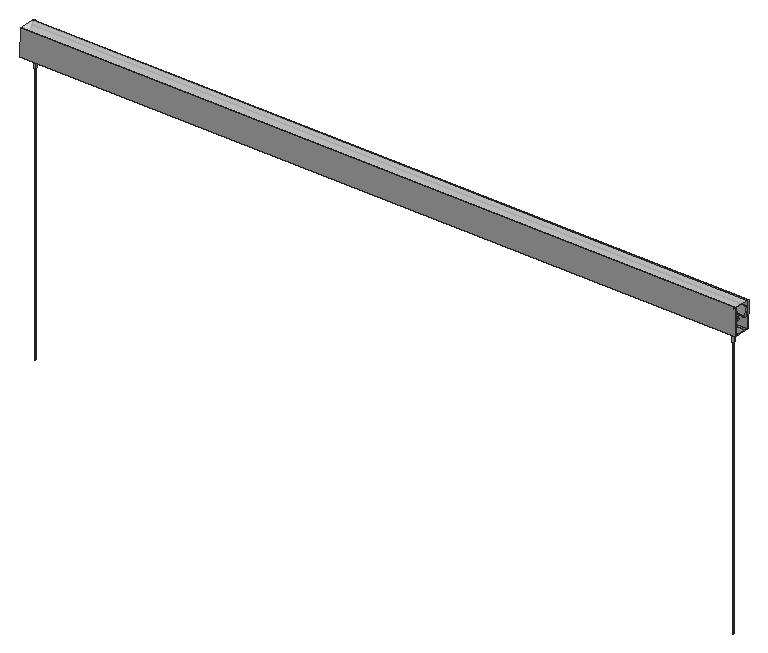
Revit family "2059334 Sylvania Lighting Fixture MC2 D I 2-4M 4K DALI WHT OPAL", category Lighting Fixtures, host Face, Revit 2016
Family settings
  Host = Face
  Part Type = Normal
  Round Connector Dimension = Use Diameter
  OmniClass Number = 23.80.70.11.17
  OmniClass Title = Specialized Lighting by Location or Use
  Cut with Voids When Loaded = No
  Light Source = Yes
  Shared = No
  Room Calculation Point = No
Parameters (values of type "2059334 MC2 D/I 2.4M 4K DALI WHT OPAL")
  Width_SYL = 54.0 mm
  Weight = "6.2 kg"
  Wattage = 64 W
  WarrantyStartDate [instance] = "n/a"
  WarrantyGuarantorParts = "n/a"
  WarrantyDurationUnit = "n/a"
  WarrantyDurationParts = "n/a"
  WarrantyDescription = "n/a"
  built-in parameter 1150110 = 1 (stored number, unit not read)
  Voltage = 0 V
  URL = "http://www.sylvania-lighting.com"
  TypeName = "MC2 D/I 2.4M 4K DALI WHT OPAL"
  built-in parameter 1114217 = 1 (stored number, unit not read)
  Tilt Angle = -90.00°
  built-in parameter 1150109 = 1 (stored number, unit not read)
  built-in parameter 1150134 = 12
  built-in parameter 1150113 = 1 (stored number, unit not read)
  SerialNumber [instance] = "n/a"
  PowerFactor = 0.95
  PowerConsumption = "64 W"
  NominalWidth = 0.0 mm
  NominalLength = 2400.0 mm
  NominalHeight = 86.0 mm
  Name = "MC2 D/I 2.4M 4K DALI WHT OPAL"
  ModelReference = "MC2 D/I 2.4M 4K DALI WHT OPAL"
  ModelNumber = "2059334"
  Material_3_SYL = Metal_Sylvania_Mini Contiuum II_Silver
  Photometric Web File = "2059334.ies"
  Material_4_SYL = Metal_Sylvania_Mini Contiuum II_Silver
  MountingHeight_SYL [instance] = 1000.0 mm
  Material = "aluminium housing, polycarbonate diffuser"
  ManufacturerName = "Feilo Sylvania"
  LuminousEfficacy = "126 lm/W"
  LuminaireType = ""
  LightOutputRatio = "100"
  Length_SYL = 2400.0 mm
  LampsType = Lamp  # "LED"
  LampNominalLuminous = "8064 lm"
  LampMacAdamStep = "3"
  LampColourTemperature = "4000 K"
  LampColourRenderingIndex = "80"
  Keynote = "16500"
  InstallationDate [instance] = "n/a"
  InputVoltage = "n/a"
  InputNominalFrequency = "n/a"
  IngressProtection = "IP20"
  ImpactProtectionIndex = "n/a"
  IfcExportType = "IfcLightFixtureType"
  IfcExportAs = "IfcLightFixtureType"
  Height_SYL = 86.0 mm
  ExpectedLife = 50000
  EndCapRight_SYL [instance] = no
  EndCapLeft_SYL [instance] = no
  Emit from Rectangle Width = Width_SYL - 2.0 mm  # 52.0 mm
  Emit from Rectangle Length = Length_SYL  # 2400.0 mm
  Emit Shape Visible in Rendering = no
  ElectricShockClassification = "Class I"
  DurationUnit = "hours"
  DocumentationLiterature = "http://www.sylvania-lighting.com/product/en-int/products/2059334"
  DimmingControlOptions = "n/a"
  CreatedOn = "10/15/2018"
  CreatedBy = "@sylvania-lighting.com"
  built-in parameter 1114216 [instance] = 1 (stored number, unit not read)
  Model = "MC2 D/I 2.4M 4K DALI WHT OPAL"
  Manufacturer = "Feilo Sylvania"
  built-in parameter 1150105 = 641.71 (stored number, unit not read)
  Lumens = 8064 lm
  built-in parameter 1150115 = 1 (stored number, unit not read)
  built-in parameter 1150137 = (empty or 0)
  built-in parameter 1150139 = (empty or 0)
  built-in parameter 1150112 = 1 (stored number, unit not read)
  built-in parameter 1150114 = 1 (stored number, unit not read)
  Lamp = "LED"
  built-in parameter 1150132 = 2
  built-in parameter 1150102 = (empty or 0)
  built-in parameter 1150107 = 4000 (stored number, unit not read)
  built-in parameter 1150138 = (empty or 0)
  built-in parameter 1150106 = 6.4171 (stored number, unit not read)
  Material_1_SYL = Metal_Sylvania_Mini Continuum II_White
  built-in parameter 1150104 = 11.706 (stored number, unit not read)
  Dimming Lamp Color Temperature Shift = <None>
  Material_2_SYL = Polycarbonate_Sylvania_Mini Continuum II_Opal_4000K
  Description = "2059334   MC2 D/I 2.4M 4K DALI WHT OPAL  Continuous lines of LED light, white RAL 9016, direct/indirect distribution (65/35), various accessories available, compact and minimalist design based on the Golden Mean, ideal for offices, meeting rooms, corridors, education facilities, museums and libraries, extruded aluminium body, diffuser: opal, colour temperature: 4000K neutral white, total system power: 64W, total fixture output: 7666lm, luminaire efficacy: 120lm/W, LOR: 100%, colour rendering: Ra >80, LED Chromacity: 1 step MacAdam ellipse, lifetime: 60,000 hours at 90% of the original output (L90), energy class: A++, A+, A, IR/UV free light source without heat radiation, operating voltage: 220-240V / 50-60Hz, drive current: (Direct) 800mA + (Indirect) 350mA, electronic driver, DALI dimmable, direct/indirect independently addressable, electrical protection: CLASS I, ingress protection rating: IP20, suitable for internal environment only."
  Default Elevation = 0.0 mm
  Color Filter = 16777215
  built-in parameter 1140040 [instance] = 1
  BarCode [instance] = "n/a"
  built-in parameter 1114218 = 1 (stored number, unit not read)
  built-in parameter 1150133 = 10 (stored number, unit not read)
  AssetType = "Fixed"
  AssetIdentifier [instance] = "n/a"
  Assembly Code = "D5020200"
  Apparent Load = 64 VA
Reference planes
  plane 1 "Center (Front/Back)": y = 0
  plane 2 "Bottom Fixtures": z = 0
  plane 3 "Center (Left/Right)": x = 0
  plane 4 "Fixture Left": x = -1200
  plane 5 "Fixture Right": x = 1200
  plane 6 "Fixture Bottom": z = 1000
  plane 7: z = 998
  plane 8: z = 996
  plane 9: z = 986.951
  plane 10: z = 956.951
  plane 11 "Fixture Top": z = 914
  plane 12 "Mounting Right": x = 1172
  plane 13 "Mounting Left": x = -1172
  plane 14: z = 879
  plane 15: y = 27
  plane 16: y = -27
  plane 17: y = -26
  plane 18: y = -25
  plane 19: y = 26
  plane 20: y = 25
  plane 21: y = 11
  plane 22: y = -11
  plane 23: y = 24
  plane 24: y = 22
  plane 25: y = -22
  plane 26: y = 15
  plane 27: y = -15
  plane 28 "Upper Diffuser Left": x = -1050
  plane 29 "Upper Diffuser Right": x = 1050
  plane 30: x = -1202
  plane 31: x = 1202
Forms (mm)
  Extrusion 1, solid, material "Metal_Sylvania_Mini Continuum II_White" <- "Material_1_SYL", detail levels fine
    sketch origin (0, 0, 520) x (0, 1, 0) y (0, 0, 1)
      loop
        line (27, 480) -> (26, 480) -> (26, 478) -> (25, 478) -> (25, 396) -> (13, 396) -> (13, 398) -> (-13, 398) -> (-13, 396) -> (-25, 396) -> (-25, 478) -> (-26, 478) -> (-26, 480) -> (-27, 480) -> (-27, 394) -> (-11, 394) -> (-11, 396) -> (11, 396) -> (11, 394) -> (27, 394) -> (27, 480)
    from -1200 to 1200
  Extrusion 2, solid, material "Polycarbonate_Sylvania_Mini Continuum II_Opal_4000K" <- "Material_2_SYL", detail levels fine
    sketch origin (0, 0, 520) x (0, 1, 0) y (0, 0, 1)
      loop
        line (-26, 480) -> (-26, 478) -> (26, 478) -> (26, 480) -> (-26, 480)
    from -1200 to 1200
  Extrusion 3, solid, material "Metal_Sylvania_Mini Contiuum II_Silver" <- "Material_3_SYL", detail levels fine
    sketch origin (0, 0, 520) x (0, 1, 0) y (0, 0, 1)
      loop
        line (22, 466.951) -> (20.973, 466.951) -> (14.206, 437.951) -> (11, 437.951) -> (11, 436.951) -> (15, 436.951) -> (22, 466.951)
      loop
        line (-15, 436.951) -> (-11, 436.951) -> (-11, 437.951) -> (-14.206, 437.951) -> (-20.973, 466.951) -> (-22, 466.951) -> (-15, 436.951)
    from -1200 to 1200
  Extrusion 4, solid, material "Metal_Sylvania_Mini Continuum II_White" <- "Material_1_SYL", detail levels coarse+medium
    sketch origin (0, 0, 520) x (0, 1, 0) y (0, 0, 1)
      loop
        line (-27, 480) -> (-27, 394) -> (27, 394) -> (27, 480) -> (-27, 480)
    from -1200 to 1200
  Extrusion 5, solid, material "Metal_Sylvania_Mini Contiuum II_Silver" <- "Material_4_SYL", detail levels fine
    sketch origin (0, 0, -86) x (-1, 0, 0) y (0, -1, 0)
      loop
        circle (1172, 0) r 4
      loop
        circle (-1172, 0) r 4
    from 965 to 1002
  Extrusion 6, solid, material "Metal_Sylvania_Mini Contiuum II_Silver" <- "Material_4_SYL", detail levels fine
    sketch origin (0, 0, -86) x (-1, 0, 0) y (0, -1, 0)
      loop
        circle (-1172, 0) r 1
      loop
        circle (1172, 0) r 1
    from 86 to 965
  Extrusion 7, solid, material "Polycarbonate_Sylvania_Mini Continuum II_Opal_4000K" <- "Material_2_SYL", detail levels fine
    sketch origin (0, 0, 0) x (0, 1, 0) y (0, 0, 1)
      loop
        arc (11, 916) -> (5.59, 914.504) -> (0, 914) r 31.25
        arc (0, 914) -> (-5.59, 914.504) -> (-11, 916) r 31.25
        line (-11, 916) -> (-11, 914.934)
        arc (-11, 914.934) -> (-5.584, 913.487) -> (0, 913) r 32.25
        arc (0, 913) -> (5.584, 913.487) -> (11, 914.934) r 32.25
        line (11, 914.934) -> (11, 916)
    from -1050 to 1050
  Extrusion 8, void
    sketch origin (0, 0, 0) x (0, 1, 0) y (0, 0, 1)
      loop
        line (11, 918) -> (-11, 918) -> (-11, 916) -> (11, 916) -> (11, 918)
    from -1050 to 1050
  Extrusion 9, solid, material "Metal_Sylvania_Mini Continuum II_White" <- "Material_1_SYL", visible <- "EndCapLeft_SYL"
    sketch origin (-1200, 171.684, 1219.2) x (0, 1, 0) y (0, 0, 1)
      loop
        line (-198.684, -305.2) -> (-144.684, -305.2) -> (-144.684, -219.2) -> (-198.684, -219.2) -> (-198.684, -305.2)
    from 0 to -2
  Extrusion 10, solid, material "Metal_Sylvania_Mini Continuum II_White" <- "Material_1_SYL", visible <- "EndCapRight_SYL"
    sketch origin (1200, 171.684, 1219.2) x (0, 1, 0) y (0, 0, -1)
      loop
        line (-144.684, 219.2) -> (-144.684, 305.2) -> (-198.684, 305.2) -> (-198.684, 219.2) -> (-144.684, 219.2)
    from 0 to -2
Cuts and joins
  Extrusion 8 cuts Extrusion 1
Lines and regions (mm)
  Masking region 1
    outline origin (0, 0, -86) x (-1, 0, 0) y (0, -1, 0)
      loop
        line (1200, -27) -> (1200, 27) -> (-1200, 27) -> (-1200, -27) -> (1200, -27)
  symbolic lines, detail levels fine
    curve 1: line (-1200, 26, -86) -> (1200, 26, -86)
    curve 2: line (-1200, -26, -86) -> (1200, -26, -86)
  model lines, detail levels coarse+medium
    curve 3: line (-1172, 0, 914) -> (-1172, 0, 0)
    curve 4: line (1172, 0, 914) -> (1172, 0, 0)
Dimensions and locks
  host sketch curve to plane 3 "Center (Left/Right)" to host sketch curve = 820.0 mm, 775.047 mm
  equal spacing: plane 4 "Fixture Left", plane 3 "Center (Left/Right)", plane 5 "Fixture Right"
  "Length_SYL": plane 4 "Fixture Left" to plane 5 "Fixture Right"
  plane 6 "Fixture Bottom" to plane 7 to plane 8 to plane 9 to plane 10 = 2.0 mm locked, 2.0 mm locked, 9.049 mm locked, 30.0 mm locked
  locked: Extrusion 1 sketch curve to Extrusion 1 sketch curve at 2
  locked: Extrusion 1 sketch curve to plane 11 "Fixture Top" at 2
  "Height_SYL": plane 6 "Fixture Bottom" to plane 11 "Fixture Top"
  locked: plane 12 "Mounting Right" to plane 5 "Fixture Right" at 28
  locked: plane 4 "Fixture Left" to plane 13 "Mounting Left" at 28
  locked: plane 11 "Fixture Top" to plane 14 at 35
  "MountingHeight_SYL": plane 6 "Fixture Bottom" to plane 2 "Bottom Fixtures"
  equal spacing: plane 15, plane 1 "Center (Front/Back)", plane 16
  "Width_SYL": plane 15 to plane 16
  plane 22 to plane 27 to plane 25 to plane 18 to plane 17 to plane 16 = 4.0 mm locked, 7.0 mm locked, 3.0 mm locked, 1.0 mm locked, 1.0 mm locked
  plane 15 to plane 19 to plane 20 to plane 23 to plane 24 to plane 26 to plane 21 = 1.0 mm locked, 1.0 mm locked, 1.0 mm locked, 2.0 mm locked, 7.0 mm locked, 4.0 mm locked
  locked: plane 4 "Fixture Left" to plane 28 "Upper Diffuser Left" at 150
  locked: plane 29 "Upper Diffuser Right" to plane 5 "Fixture Right" at 150
  equal spacing: plane 30, plane 3 "Center (Left/Right)", plane 31
  locked: plane 30 to plane 4 "Fixture Left" at 2
  aligned and locked: plane 2 "Bottom Fixtures" to host face
  aligned and locked: level to host face
  aligned and locked: plane 5 "Fixture Right" to curve 1
  aligned and locked: plane 4 "Fixture Left" to curve 1
  aligned and locked: plane 4 "Fixture Left" to curve 2
  aligned and locked: plane 5 "Fixture Right" to curve 2
  aligned and locked: Extrusion 1 sketch curve to plane 7
  aligned and locked: plane 6 "Fixture Bottom" to Extrusion 1 sketch curve  (x2)
  aligned and locked: plane 7 to Extrusion 1 sketch curve
  aligned and locked: Extrusion 1 to Extrusion 2 sketch curve
  aligned and locked: Extrusion 2 sketch curve to Extrusion 1  (x3)
  aligned and locked: Extrusion 3 sketch curve to plane 10
  aligned and locked: plane 9 to Extrusion 3 sketch curve
  aligned and locked: Extrusion 3 sketch curve to plane 9
  aligned and locked: Extrusion 4 sketch curve to plane 6 "Fixture Bottom"
  aligned and locked: Extrusion 4 to plane 4 "Fixture Left"
  aligned and locked: Extrusion 2 to plane 4 "Fixture Left"
  aligned and locked: Extrusion 3 to plane 4 "Fixture Left"
  aligned and locked: Extrusion 1 to plane 4 "Fixture Left"
  aligned and locked: Extrusion 4 to plane 5 "Fixture Right"
  aligned and locked: Extrusion 2 to plane 5 "Fixture Right"
  aligned and locked: Extrusion 3 to plane 5 "Fixture Right"
  aligned and locked: Extrusion 1 to plane 5 "Fixture Right"
  aligned and locked: plane 11 "Fixture Top" to Extrusion 4 sketch curve
  aligned and locked: Extrusion 1 sketch curve to plane 11 "Fixture Top"  (x2)
  aligned and locked: Extrusion 1 sketch curve to Extrusion 1 sketch curve
  aligned and locked: plane 6 "Fixture Bottom" to imposter light
  aligned and locked: plane 11 "Fixture Top" to curve 3
  aligned and locked: plane 2 "Bottom Fixtures" to curve 3
  aligned and locked: plane 11 "Fixture Top" to curve 4
  aligned and locked: plane 2 "Bottom Fixtures" to curve 4
  aligned and locked: curve 4 to plane 12 "Mounting Right"
  aligned and locked: curve 3 to plane 13 "Mounting Left"
  aligned and locked: Extrusion 5 to Extrusion 1
  aligned and locked: Extrusion 5 to plane 14
  aligned and locked: plane 14 to Extrusion 6
  aligned and locked: Extrusion 6 to level
  aligned and locked: plane 11 "Fixture Top" to Extrusion 7 sketch curve
  aligned and locked: Extrusion 7 to plane 28 "Upper Diffuser Left"
  aligned and locked: Extrusion 7 to plane 29 "Upper Diffuser Right"
  aligned and locked: plane 21 to Extrusion 3 sketch curve
  aligned and locked: Extrusion 3 sketch curve to plane 22
  aligned and locked: Extrusion 8 sketch curve to plane 21
  aligned and locked: Extrusion 8 sketch curve to plane 22
  aligned and locked: Extrusion 8 sketch curve to Extrusion 1  (x2)
  aligned and locked: Extrusion 8 to Extrusion 7  (x2)
  aligned and locked: plane 21 to Extrusion 7 sketch curve
  aligned and locked: plane 1 "Center (Front/Back)" to Extrusion 7 sketch curve
  aligned and locked: plane 22 to Extrusion 7 sketch curve
  aligned and locked: Extrusion 9 sketch curve to Extrusion 4  (x4)
  aligned and locked: Extrusion 9 to plane 30
  aligned and locked: plane 4 "Fixture Left" to Extrusion 9
  aligned and locked: Extrusion 10 sketch curve to Extrusion 4  (x4)
  aligned and locked: plane 31 to Extrusion 10
  aligned and locked: plane 5 "Fixture Right" to Extrusion 10
Automatic sketch dimensions
  host sketch curve to host sketch curve = 1047.463 mm
  plane 19 to curve 1 = 0.0 mm
  curve 2 to plane 17 = 0.0 mm
  Masking region 1 sketch curve to plane 5 "Fixture Right" = 0.0 mm
  Masking region 1 sketch curve to plane 4 "Fixture Left" = 0.0 mm
  plane 15 to Masking region 1 sketch curve = 0.0 mm
  Masking region 1 sketch curve to plane 16 = 0.0 mm
  Extrusion 1 sketch curve to plane 16 = 0.0 mm
  Extrusion 1 sketch curve to plane 17 = 0.0 mm
  Extrusion 1 sketch curve to plane 18 = 0.0 mm
  Extrusion 1 sketch curve to plane 22 = 0.0 mm
  Extrusion 1 sketch curve to plane 21 = 0.0 mm
  Extrusion 1 sketch curve to plane 20 = 0.0 mm
  Extrusion 1 sketch curve to plane 19 = 0.0 mm
  Extrusion 1 sketch curve to plane 15 = 0.0 mm
  plane 11 "Fixture Top" to Extrusion 1 sketch curve = 2.0 mm
  Extrusion 1 sketch curve to plane 22 = 2.0 mm
  Extrusion 1 sketch curve to plane 21 = 2.0 mm
  Extrusion 3 sketch curve to plane 25 = 0.0 mm
  Extrusion 3 sketch curve to plane 27 = 0.0 mm
  Extrusion 3 sketch curve to plane 26 = 0.0 mm
  Extrusion 3 sketch curve to plane 24 = 0.0 mm
  plane 10 to Extrusion 3 sketch curve = 1.0 mm
  Extrusion 3 sketch curve to Extrusion 3 sketch curve = 1.027 mm
  plane 27 to Extrusion 3 sketch curve = 0.794 mm
  plane 26 to Extrusion 3 sketch curve = 0.794 mm
  plane 24 to Extrusion 3 sketch curve = 1.027 mm
  Extrusion 4 sketch curve to plane 16 = 0.0 mm
  Extrusion 4 sketch curve to plane 15 = 0.0 mm
  plane 1 "Center (Front/Back)" to Extrusion 5 sketch curve = 0.0 mm  (x2)
  Extrusion 5 sketch curve to plane 12 "Mounting Right" = 0.0 mm
  Extrusion 5 sketch curve to plane 13 "Mounting Left" = 0.0 mm
  plane 1 "Center (Front/Back)" to Extrusion 6 sketch curve = 0.0 mm  (x2)
  Extrusion 6 sketch curve to plane 12 "Mounting Right" = 0.0 mm
  Extrusion 6 sketch curve to plane 13 "Mounting Left" = 0.0 mm
  Extrusion 7 sketch curve to Extrusion 7 sketch curve = 0.0 mm  (x4)
  plane 11 "Fixture Top" to Extrusion 7 sketch curve = 0.934 mm
  Extrusion 3 sketch curve to Extrusion 3 sketch curve = 0.0 mm
  Extrusion 3 sketch curve to plane 10 = 0.0 mm
  plane 11 "Fixture Top" to Extrusion 7 sketch curve = 2.0 mm
  radius of Extrusion 5 sketch curve = 4.0 mm  (x2)
  radius of Extrusion 6 sketch curve = 1.0 mm  (x2)
Connectors
  electrical at (1200, 0, 949), driven by "Apparent Load"
    settings: on Extrusion 1, index 1, voltage 230 V, apparent load 0 VA, apparent load phase1 64 VA, apparent load phase2 0 VA, apparent load phase3 0 VA, power factor 1, load classification "Lighting", number of poles 1, system type 31, power factor state 1, is connector primary yes, connector utility no, sub classification motor no, connector description ""
